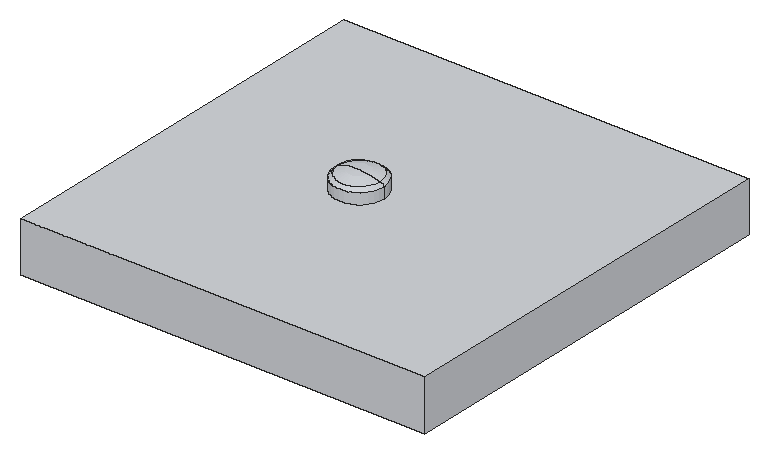
Revit family "STAIRLED", category Luminaires, Revit 2021
Family settings
  Hôte = Face
  Cote de connecteur circulaire = Utiliser le rayon
  Type d'élément = Normal
  Numéro OmniClass = 23.80.70.11.17
  Titre OmniClass = Specialized Lighting by Location or Use
  Couper avec des vides une fois chargée = Oui
  Source d'éclairage = Oui
  Partagée = Non
  Point de calcul de pièce = Oui
Parameters (values of type "870284")
  taille diffuseur = diametre / 2 - 21.2 mm  # 128.8 mm
  nbr poles = 1  # constant formula
  longueur = 65 mm
  indice de charge = Eclairage
  hauteur diffuseur = 20 mm
  hauteur collerette = 20 mm
  hauteur = 25 mm
  diametre = 300 mm
  URL = "https://www.resistex-sa.com/fr/stairled-2414m-bl-4000k-247.html"
  Tension = 230 V  # constant formula
  built-in parameter 1150107 = 4000 (stored number, unit not read)
  Wattage = 20.5 W
  built-in parameter 1150110 = 1 (stored number, unit not read)
  built-in parameter 1150109 = 1 (stored number, unit not read)
  built-in parameter 1114218 = 1 (stored number, unit not read)
  built-in parameter 1150113 = 1 (stored number, unit not read)
  built-in parameter 1150112 = 1 (stored number, unit not read)
  built-in parameter 1150137 = (empty or 0)
  built-in parameter 1150132 = (empty or 0)
  Modèle = "STAIRLED ø300"
  built-in parameter 1150105 = 3931.5 (stored number, unit not read)
  built-in parameter 1150102 = (empty or 0)
  Type Image = (empty or 0)
  IP = "IP 55"  # constant formula
  IK = "IK 10"  # constant formula
  Gradation des changements de température de couleur de lampe = <Aucun>
  Garantie = "5 ans"  # constant formula
  Lumens = 49405 lm
  Color Filter = 16777215
  Fichier de distribution photométrique = "870284.ies"
  built-in parameter 1114217 = 1 (stored number, unit not read)
  built-in parameter 1150139 = (empty or 0)
  Fabricant = "Resistex"  # constant formula
  Emit from Circle Diameter = 609.6 mm
  Emettre la visibilité des formes dans le rendu = no
  Default Elevation = 1219.2 mm
  built-in parameter 1150104 = 223.9 (stored number, unit not read)
  built-in parameter 1150106 = 39.315 (stored number, unit not read)
  built-in parameter 1150115 = 1 (stored number, unit not read)
  built-in parameter 1150114 = 1 (stored number, unit not read)
  Description = "Hublot en fonte d'alu avec optique asymétrique spéciale cage d'escalier\r\nHublot asymétrique équipé d'une COB Tridonic\r\nCouleur : Blanc - RAL 9010\r\nIP 55, IK 10\r\nDiam. 300mm x Haut. 110mm\r\nFlux restitué 2293lm\r\nConso. système 21W\r\nEfficacité lumineuse produit complet 109.1lm/W\r\nLM80 L80F10 à 50000h (Ta25°C)\r\nSVM 0.063\r\nPstLM 0.152\r\nDiffuseur Polycarbonate Direct/Asymétrique Opalescent, Corps en Aluminium\r\nIRC >80\r\nGarantie 5 ans\r\nEmpreinte carbone 1.89gCO2/h\r\nIndice de réparabilité 9,5"  # constant formula
  built-in parameter 1150138 = (empty or 0)
  built-in parameter 1150134 = 12
  Commentaires relatifs à la puissance = "20.5"
  Apparent Load = 21.8 VA
  Tilt Angle = 60.00°
  built-in parameter 1150133 = 10 (stored number, unit not read)
Types (5, lengths in mm): name | URL | built-in parameter 1150107 | Wattage | built-in parameter 1150105 | Lumens | Fichier de distribution photométrique | built-in parameter 1150104 | built-in parameter 1150106 | built-in parameter 1150134 | Commentaires relatifs à la puissance | Apparent Load
  (no name) | "https://www.resistex-sa.com/fr/stairled-2414m-bl-4000k-247.html" | 4000 (stored number, unit not read) | 20.5 W | 3931.5 (stored number, unit not read) | 49405 lm | "870284.ies" | 223.9 (stored number, unit not read) | 39.315 (stored number, unit not read) | 12 | "20.5" | 21.8 VA
  870283 | "https://www.resistex-sa.com/fr/stairled-2293lm-bl-3000k-820.html" | 3000 (stored number, unit not read) | 21 W | 3831.9 (stored number, unit not read) | 48153 lm | "870283.ies" | 213.03 (stored number, unit not read) | 38.319 (stored number, unit not read) | (empty or 0) | "21" | 22.34 VA
  870293 | "https://www.resistex-sa.com/fr/stairled-2293lm-hf-pre-bl-3000k-821.html" | 3000 (stored number, unit not read) | 22 W | 4014.4 (stored number, unit not read) | 50446 lm | "870293.ies" | 213.03 (stored number, unit not read) | 40.144 (stored number, unit not read) | (empty or 0) | "22" | 24.17 VA
  870284 | "https://www.resistex-sa.com/fr/stairled-2414m-bl-4000k-247.html" | 4000 (stored number, unit not read) | 20.5 W | 3931.5 (stored number, unit not read) | 49405 lm | "870284.ies" | 223.9 (stored number, unit not read) | 39.315 (stored number, unit not read) | 12 | "20.5" | 21.8 VA
  870294 | "https://www.resistex-sa.com/fr/stairled-2414lm-hf-pre-bl-4000k-248.html" | 4000 (stored number, unit not read) | 22 W | 4226.2 (stored number, unit not read) | 53108 lm | "870294.ies" | 224.27 (stored number, unit not read) | 42.262 (stored number, unit not read) | 12 | "22" | 24.17 VA
Reference planes
  plane 1 "Centre (avant/arrière)": y = 0
  plane 2: z = 0
  plane 3 "Centre (gauche/droite)": x = 0
  plane 4 "debut diffuseur": z = 65
  plane 5: x = -150
  plane 6: x = -300
  plane 7: y = 150
  plane 8: y = 300
  plane 9: x = -21.2
  plane 10 "HAUT LUM": z = 105
  plane 11: z = 85
Forms (mm)
  Extrusion 1, solid
    sketch origin (0, 0, 0) x (1, 0, 0) y (0, 1, 0)
      loop
        line (-1219.2, 1219.2) -> (-1219.2, -1219.2) -> (1219.2, -1219.2) -> (1219.2, 1219.2) -> (-1219.2, 1219.2)
    from 0 to -304.8
  Revolve 2, solid
    sketch origin (0.013, 0, -49.916) x (1, 0, 0) y (0, 0, 1)
      loop
        line (0, 114.916) -> (-21.213, 134.916) -> (-21.213, 114.916) -> (0, 114.916)
      axis (-150.013, 114.916) -> (-150.013, 134.916)
    angle from 0 to 360
  Revolve 3, solid
    sketch origin (0, 0, 0) x (1, 0, 0) y (0, 0, 1)
      loop
        line (0.013, 65) -> (-150, 65) -> (-150, 0) -> (0.013, 0) -> (0.013, 65)
      axis (-150, 0) -> (-150, 65)
    angle from 0 to 360
  Revolve 4, solid
    sketch origin (0, 0, 0) x (1, 0, 0) y (0, 0, 1)
      loop
        arc (-21.2, 85) -> (-84.756, 100.435) -> (-150, 105) r 388.867
        line (-150, 105) -> (-150, 85) -> (-21.2, 85)
      axis (-150, 85) -> (-150, 105)
    angle from 0 to 360
  Extrusion 5, void
    sketch origin (0, 0, 105) x (1, 0, 0) y (0, 1, 0)
      loop
        arc (-253.608, -76.517) -> (-150, -128.8) -> (-46.392, -76.517) r 128.8
        arc (-46.392, -76.517) -> (-150, -12.535) -> (-253.608, -76.517) r 115.878
    from 0 to -22
Dimensions and locks
  "longueur": plane 4 "debut diffuseur" to Extrusion 1
  equal spacing: plane 3 "Centre (gauche/droite)", plane 5, plane 6
  "diametre": plane 3 "Centre (gauche/droite)" to plane 6
  equal spacing: plane 1 "Centre (avant/arrière)", plane 7, plane 8
  "diametre": plane 1 "Centre (avant/arrière)" to plane 8
  "taille diffuseur": plane 9 to plane 5
  "hauteur collerette": plane 4 "debut diffuseur" to plane 11
  "hauteur diffuseur": plane 11 to plane 10 "HAUT LUM"
  aligned and locked: plane 2 to Extrusion 1
  aligned and locked: Revolve 2 sketch curve to plane 5
  aligned and locked: Revolve 3 sketch curve to Revolve 2  (x2)
  aligned and locked: Revolve 3 sketch curve to level
  aligned and locked: Revolve 3 sketch curve to plane 5
  aligned and locked: plane 9 to Revolve 2
  aligned and locked: Revolve 3 to plane 4 "debut diffuseur"
  aligned and locked: Revolve 2 to plane 11
  aligned and locked: level to Extrusion 1
  aligned and locked: Revolve 4 sketch curve to plane 5
Automatic sketch dimensions
  Extrusion 1 sketch curve to Extrusion 1 sketch curve = 2438.4 mm  (x2)
  Revolve 2 sketch curve to plane 4 "debut diffuseur" = 0 mm
  plane 3 "Centre (gauche/droite)" to Revolve 2 sketch curve = 0.013 mm
  Revolve 2 sketch curve to plane 3 "Centre (gauche/droite)" = 21.2 mm
  plane 4 "debut diffuseur" to Revolve 2 sketch curve = 20 mm
  Revolve 2 sketch curve to level = 49.916 mm
  plane 4 "debut diffuseur" to Revolve 2 sketch curve = 275.895 mm
  Revolve 3 sketch curve to plane 5 = 0 mm
  Revolve 3 sketch curve to level = 0 mm
  plane 4 "debut diffuseur" to Revolve 3 sketch curve = 277.108 mm
  Revolve 4 sketch curve to plane 5 = 0 mm
  Revolve 4 sketch curve to plane 9 = 0 mm
  Revolve 4 sketch curve to plane 11 = 0 mm
  Revolve 4 sketch curve to plane 10 "HAUT LUM" = 0 mm
  plane 5 to Revolve 4 sketch curve = 5.576 mm
  Revolve 4 sketch curve to level = 0 mm
  plane 10 "HAUT LUM" to Revolve 4 sketch curve = 237.108 mm
  plane 1 "Centre (avant/arrière)" to Extrusion 5 sketch curve = 0 mm
  Extrusion 5 sketch curve to plane 5 = 0 mm  (x2)
  plane 1 "Centre (avant/arrière)" to Extrusion 5 sketch curve = 128.413 mm
  Extrusion 5 sketch curve to plane 9 = 25.192 mm
  plane 1 "Centre (avant/arrière)" to Extrusion 5 sketch curve = 76.517 mm
Connectors
  electrical at (0, 0, 0), driven by "nbr poles", driven by "indice de charge", driven by "Tension", driven by "Apparent Load"
    settings: index 1, voltage 230 V, apparent load 0 VA, apparent load phase1 21.8 VA, apparent load phase2 0 VA, apparent load phase3 0 VA, power factor 1, load classification "Eclairage", number of poles 1, system type 31, power factor state 1, is connector primary yes, connector utility no, sub classification motor no, connector description ""
